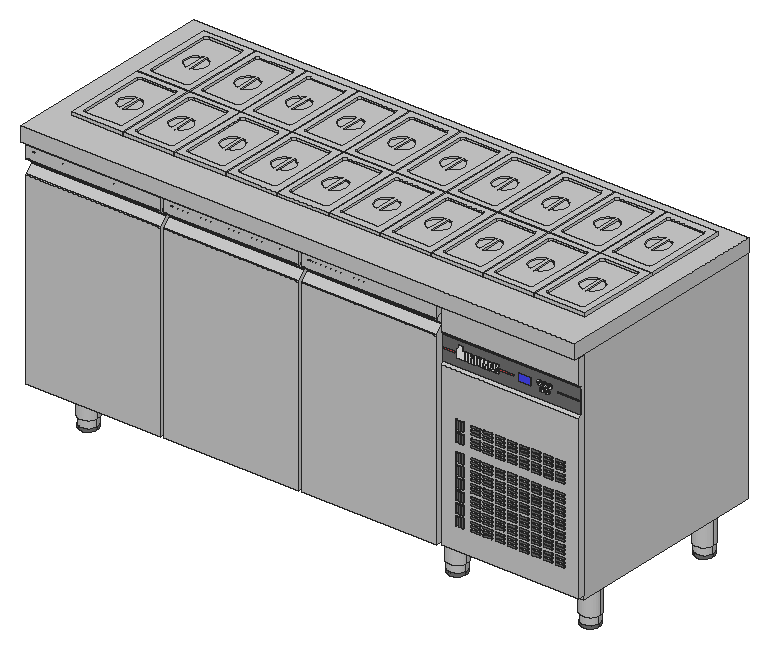
Revit family "QF_INOMAK_ZNFP999_250529012511", category Specialty Equipment, Revit 2021 (continued)
Definition of nested family "QF_INOMAK_REF_WORKTOPS_WOVF_1810_7123"
  Forms (mm)
    Extrusion 19, solid
      sketch origin (0, 1874.578, 46) x (0, 1, 0) y (-1, 0, 0)
        loop
          arc (-2430.578, -1530) -> (-2427.649, -1537.071) -> (-2420.578, -1540) r 10
          line (-2420.578, -1540) -> (-2212.578, -1540)
          arc (-2212.578, -1540) -> (-2205.507, -1537.071) -> (-2202.578, -1530) r 10
          line (-2202.578, -1530) -> (-2202.578, -1424)
      from 0 to 10
    Extrusion 20, solid
      sketch origin (0, 1874.578, 46) x (0, 1, 0) y (-1, 0, 0)
        loop
          arc (-2420.578, -1580) -> (-2427.649, -1582.929) -> (-2430.578, -1590) r 10
          line (-2430.578, -1590) -> (-2430.578, -1696)
          arc (-2430.578, -1696) -> (-2427.649, -1703.071) -> (-2420.578, -1706) r 10
          line (-2420.578, -1706) -> (-2212.578, -1706)
          arc (-2212.578, -1706) -> (-2205.507, -1703.071) -> (-2202.578, -1696) r 10
          line (-2202.578, -1696) -> (-2202.578, -1590)
          arc (-2202.578, -1590) -> (-2205.507, -1582.929) -> (-2212.578, -1580) r 10
          line (-2212.578, -1580) -> (-2420.578, -1580)
        loop
          arc (-2282.937, -1638) -> (-2317.578, -1608) -> (-2352.219, -1638) r 35
          line (-2352.219, -1638) -> (-2282.937, -1638)
        loop
          line (-2282.937, -1648) -> (-2352.219, -1648)
          arc (-2352.219, -1648) -> (-2317.578, -1678) -> (-2282.937, -1648) r 35
      from 2 to 5
    Extrusion 21, solid
      sketch origin (0, 1874.578, 46) x (0, 1, 0) y (-1, 0, 0)
        loop
          line (-2182.578, -1560) -> (-2450.578, -1560) -> (-2450.578, -1726) -> (-2182.578, -1726) -> (-2182.578, -1560)
        loop
          arc (-2202.578, -1590) -> (-2205.507, -1582.929) -> (-2212.578, -1580) r 10
          line (-2212.578, -1580) -> (-2420.578, -1580)
          arc (-2420.578, -1580) -> (-2427.649, -1582.929) -> (-2430.578, -1590) r 10
          line (-2430.578, -1590) -> (-2430.578, -1696)
          arc (-2430.578, -1696) -> (-2427.649, -1703.071) -> (-2420.578, -1706) r 10
          line (-2420.578, -1706) -> (-2212.578, -1706)
          arc (-2212.578, -1706) -> (-2205.507, -1703.071) -> (-2202.578, -1696) r 10
          line (-2202.578, -1696) -> (-2202.578, -1590)
      from 0 to 10
    Extrusion 22, solid
      sketch origin (-9, 1874.578, 46) x (0, 1, 0) y (-1, 0, 0)
        loop
          arc (-2152.578, -427) -> (-2159.649, -429.929) -> (-2162.578, -437) r 10
          line (-2162.578, -437) -> (-2162.578, -543)
          arc (-2162.578, -543) -> (-2159.649, -550.071) -> (-2152.578, -553) r 10
          line (-2152.578, -553) -> (-1944.578, -553)
          arc (-1944.578, -553) -> (-1937.507, -550.071) -> (-1934.578, -543) r 10
          line (-1934.578, -543) -> (-1934.578, -437)
          arc (-1934.578, -437) -> (-1937.507, -429.929) -> (-1944.578, -427) r 10
          line (-1944.578, -427) -> (-2152.578, -427)
        loop
          arc (-2014.937, -485) -> (-2049.578, -455) -> (-2084.219, -485) r 35
          line (-2084.219, -485) -> (-2014.937, -485)
        loop
          line (-2014.937, -495) -> (-2084.219, -495)
          arc (-2084.219, -495) -> (-2049.578, -525) -> (-2014.937, -495) r 35
      from 2 to 5
    Extrusion 23, solid
      sketch origin (-9, 1874.578, 46) x (0, 1, 0) y (-1, 0, 0)
        loop
          line (-1914.578, -407) -> (-2182.578, -407) -> (-2182.578, -573) -> (-1914.578, -573) -> (-1914.578, -407)
        loop
          arc (-1934.578, -437) -> (-1937.507, -429.929) -> (-1944.578, -427) r 10
          line (-1944.578, -427) -> (-2152.578, -427)
          arc (-2152.578, -427) -> (-2159.649, -429.929) -> (-2162.578, -437) r 10
          line (-2162.578, -437) -> (-2162.578, -543)
          arc (-2162.578, -543) -> (-2159.649, -550.071) -> (-2152.578, -553) r 10
          line (-2152.578, -553) -> (-1944.578, -553)
          arc (-1944.578, -553) -> (-1937.507, -550.071) -> (-1934.578, -543) r 10
          line (-1934.578, -543) -> (-1934.578, -437)
      from 0 to 10
    Extrusion 24, solid
      sketch origin (0, 1874.578, 46) x (0, 1, 0) y (-1, 0, 0)
        loop
          arc (-2152.578, -1082) -> (-2159.649, -1084.929) -> (-2162.578, -1092) r 10
          line (-2162.578, -1092) -> (-2162.578, -1198)
          arc (-2162.578, -1198) -> (-2159.649, -1205.071) -> (-2152.578, -1208) r 10
          line (-2152.578, -1208) -> (-1944.578, -1208)
          arc (-1944.578, -1208) -> (-1937.507, -1205.071) -> (-1934.578, -1198) r 10
          line (-1934.578, -1198) -> (-1934.578, -1092)
          arc (-1934.578, -1092) -> (-1937.507, -1084.929) -> (-1944.578, -1082) r 10
          line (-1944.578, -1082) -> (-2152.578, -1082)
        loop
          arc (-2014.937, -1140) -> (-2049.578, -1110) -> (-2084.219, -1140) r 35
          line (-2084.219, -1140) -> (-2014.937, -1140)
        loop
          line (-2014.937, -1150) -> (-2084.219, -1150)
          arc (-2084.219, -1150) -> (-2049.578, -1180) -> (-2014.937, -1150) r 35
      from 2 to 5
    Extrusion 25, solid
      sketch origin (0, 1874.578, 46) x (0, 1, 0) y (-1, 0, 0)
        loop
          line (-1914.578, -1062) -> (-2182.578, -1062) -> (-2182.578, -1228) -> (-1914.578, -1228) -> (-1914.578, -1062)
        loop
          arc (-1934.578, -1092) -> (-1937.507, -1084.929) -> (-1944.578, -1082) r 10
          line (-1944.578, -1082) -> (-2152.578, -1082)
          arc (-2152.578, -1082) -> (-2159.649, -1084.929) -> (-2162.578, -1092) r 10
          line (-2162.578, -1092) -> (-2162.578, -1198)
          arc (-2162.578, -1198) -> (-2159.649, -1205.071) -> (-2152.578, -1208) r 10
          line (-2152.578, -1208) -> (-1944.578, -1208)
          arc (-1944.578, -1208) -> (-1937.507, -1205.071) -> (-1934.578, -1198) r 10
          line (-1934.578, -1198) -> (-1934.578, -1092)
      from 0 to 10
    Extrusion 26, solid
      sketch origin (-9, 1874.578, 46) x (0, 1, 0) y (-1, 0, 0)
        loop
          arc (-2420.578, -427) -> (-2427.649, -429.929) -> (-2430.578, -437) r 10
          line (-2430.578, -437) -> (-2430.578, -543)
          arc (-2430.578, -543) -> (-2427.649, -550.071) -> (-2420.578, -553) r 10
          line (-2420.578, -553) -> (-2212.578, -553)
          arc (-2212.578, -553) -> (-2205.507, -550.071) -> (-2202.578, -543) r 10
          line (-2202.578, -543) -> (-2202.578, -437)
          arc (-2202.578, -437) -> (-2205.507, -429.929) -> (-2212.578, -427) r 10
          line (-2212.578, -427) -> (-2420.578, -427)
        loop
          arc (-2282.937, -485) -> (-2317.578, -455) -> (-2352.219, -485) r 35
          line (-2352.219, -485) -> (-2282.937, -485)
        loop
          line (-2282.937, -495) -> (-2352.219, -495)
          arc (-2352.219, -495) -> (-2317.578, -525) -> (-2282.937, -495) r 35
      from 2 to 5
    Extrusion 27, solid
      sketch origin (-9, 1874.578, 46) x (0, 1, 0) y (-1, 0, 0)
        loop
          line (-2182.578, -407) -> (-2450.578, -407) -> (-2450.578, -573) -> (-2182.578, -573) -> (-2182.578, -407)
        loop
          arc (-2202.578, -437) -> (-2205.507, -429.929) -> (-2212.578, -427) r 10
          line (-2212.578, -427) -> (-2420.578, -427)
          arc (-2420.578, -427) -> (-2427.649, -429.929) -> (-2430.578, -437) r 10
          line (-2430.578, -437) -> (-2430.578, -543)
          arc (-2430.578, -543) -> (-2427.649, -550.071) -> (-2420.578, -553) r 10
          line (-2420.578, -553) -> (-2212.578, -553)
          arc (-2212.578, -553) -> (-2205.507, -550.071) -> (-2202.578, -543) r 10
          line (-2202.578, -543) -> (-2202.578, -437)
      from 0 to 10
    Extrusion 28, solid
      sketch origin (0, 1874.578, 46) x (0, 1, 0) y (-1, 0, 0)
        loop
          arc (-2420.578, -1082) -> (-2427.649, -1084.929) -> (-2430.578, -1092) r 10
          line (-2430.578, -1092) -> (-2430.578, -1198)
          arc (-2430.578, -1198) -> (-2427.649, -1205.071) -> (-2420.578, -1208) r 10
          line (-2420.578, -1208) -> (-2212.578, -1208)
          arc (-2212.578, -1208) -> (-2205.507, -1205.071) -> (-2202.578, -1198) r 10
          line (-2202.578, -1198) -> (-2202.578, -1092)
          arc (-2202.578, -1092) -> (-2205.507, -1084.929) -> (-2212.578, -1082) r 10
          line (-2212.578, -1082) -> (-2420.578, -1082)
        loop
          arc (-2282.937, -1140) -> (-2317.578, -1110) -> (-2352.219, -1140) r 35
          line (-2352.219, -1140) -> (-2282.937, -1140)
        loop
          line (-2282.937, -1150) -> (-2352.219, -1150)
          arc (-2352.219, -1150) -> (-2317.578, -1180) -> (-2282.937, -1150) r 35
      from 2 to 5
    Extrusion 29, solid
      sketch origin (0, 1874.578, 46) x (0, 1, 0) y (-1, 0, 0)
        loop
          line (-2182.578, -1062) -> (-2450.578, -1062) -> (-2450.578, -1228) -> (-2182.578, -1228) -> (-2182.578, -1062)
        loop
          arc (-2202.578, -1092) -> (-2205.507, -1084.929) -> (-2212.578, -1082) r 10
          line (-2212.578, -1082) -> (-2420.578, -1082)
          arc (-2420.578, -1082) -> (-2427.649, -1084.929) -> (-2430.578, -1092) r 10
          line (-2430.578, -1092) -> (-2430.578, -1198)
          arc (-2430.578, -1198) -> (-2427.649, -1205.071) -> (-2420.578, -1208) r 10
          line (-2420.578, -1208) -> (-2212.578, -1208)
          arc (-2212.578, -1208) -> (-2205.507, -1205.071) -> (-2202.578, -1198) r 10
          line (-2202.578, -1198) -> (-2202.578, -1092)
      from 0 to 10
    Extrusion 30, solid
      sketch origin (-9, 1874.578, 46) x (0, 1, 0) y (-1, 0, 0)
        loop
          arc (-2152.578, -593) -> (-2159.649, -595.929) -> (-2162.578, -603) r 10
          line (-2162.578, -603) -> (-2162.578, -709)
          arc (-2162.578, -709) -> (-2159.649, -716.071) -> (-2152.578, -719) r 10
          line (-2152.578, -719) -> (-1944.578, -719)
          arc (-1944.578, -719) -> (-1937.507, -716.071) -> (-1934.578, -709) r 10
          line (-1934.578, -709) -> (-1934.578, -603)
          arc (-1934.578, -603) -> (-1937.507, -595.929) -> (-1944.578, -593) r 10
          line (-1944.578, -593) -> (-2152.578, -593)
        loop
          arc (-2014.937, -651) -> (-2049.578, -621) -> (-2084.219, -651) r 35
          line (-2084.219, -651) -> (-2014.937, -651)
        loop
          line (-2014.937, -661) -> (-2084.219, -661)
          arc (-2084.219, -661) -> (-2049.578, -691) -> (-2014.937, -661) r 35
      from 2 to 5
    Extrusion 31, solid
      sketch origin (-9, 1874.578, 46) x (0, 1, 0) y (-1, 0, 0)
        loop
          line (-1914.578, -573) -> (-2182.578, -573) -> (-2182.578, -739) -> (-1914.578, -739) -> (-1914.578, -573)
        loop
          arc (-1934.578, -603) -> (-1937.507, -595.929) -> (-1944.578, -593) r 10
          line (-1944.578, -593) -> (-2152.578, -593)
          arc (-2152.578, -593) -> (-2159.649, -595.929) -> (-2162.578, -603) r 10
          line (-2162.578, -603) -> (-2162.578, -709)
          arc (-2162.578, -709) -> (-2159.649, -716.071) -> (-2152.578, -719) r 10
          line (-2152.578, -719) -> (-1944.578, -719)
          arc (-1944.578, -719) -> (-1937.507, -716.071) -> (-1934.578, -709) r 10
          line (-1934.578, -709) -> (-1934.578, -603)
      from 0 to 10
    Extrusion 32, solid
      sketch origin (-9, 1874.578, 46) x (0, 1, 0) y (-1, 0, 0)
        loop
          arc (-2152.578, -759) -> (-2159.649, -761.929) -> (-2162.578, -769) r 10
          line (-2162.578, -769) -> (-2162.578, -875)
          arc (-2162.578, -875) -> (-2159.649, -882.071) -> (-2152.578, -885) r 10
          line (-2152.578, -885) -> (-1944.578, -885)
          arc (-1944.578, -885) -> (-1937.507, -882.071) -> (-1934.578, -875) r 10
          line (-1934.578, -875) -> (-1934.578, -769)
          arc (-1934.578, -769) -> (-1937.507, -761.929) -> (-1944.578, -759) r 10
          line (-1944.578, -759) -> (-2152.578, -759)
        loop
          arc (-2014.937, -817) -> (-2049.578, -787) -> (-2084.219, -817) r 35
          line (-2084.219, -817) -> (-2014.937, -817)
        loop
          line (-2014.937, -827) -> (-2084.219, -827)
          arc (-2084.219, -827) -> (-2049.578, -857) -> (-2014.937, -827) r 35
      from 2 to 5
    Extrusion 33, solid
      sketch origin (-9, 1874.578, 46) x (0, 1, 0) y (-1, 0, 0)
        loop
          line (-1914.578, -739) -> (-2182.578, -739) -> (-2182.578, -905) -> (-1914.578, -905) -> (-1914.578, -739)
        loop
          arc (-1934.578, -769) -> (-1937.507, -761.929) -> (-1944.578, -759) r 10
          line (-1944.578, -759) -> (-2152.578, -759)
          arc (-2152.578, -759) -> (-2159.649, -761.929) -> (-2162.578, -769) r 10
          line (-2162.578, -769) -> (-2162.578, -875)
          arc (-2162.578, -875) -> (-2159.649, -882.071) -> (-2152.578, -885) r 10
          line (-2152.578, -885) -> (-1944.578, -885)
          arc (-1944.578, -885) -> (-1937.507, -882.071) -> (-1934.578, -875) r 10
          line (-1934.578, -875) -> (-1934.578, -769)
      from 0 to 10
    Extrusion 34, solid
      sketch origin (-9, 1874.578, 46) x (0, 1, 0) y (-1, 0, 0)
        loop
          arc (-2420.578, -593) -> (-2427.649, -595.929) -> (-2430.578, -603) r 10
          line (-2430.578, -603) -> (-2430.578, -709)
          arc (-2430.578, -709) -> (-2427.649, -716.071) -> (-2420.578, -719) r 10
          line (-2420.578, -719) -> (-2212.578, -719)
          arc (-2212.578, -719) -> (-2205.507, -716.071) -> (-2202.578, -709) r 10
          line (-2202.578, -709) -> (-2202.578, -603)
          arc (-2202.578, -603) -> (-2205.507, -595.929) -> (-2212.578, -593) r 10
          line (-2212.578, -593) -> (-2420.578, -593)
        loop
          arc (-2282.937, -651) -> (-2317.578, -621) -> (-2352.219, -651) r 35
          line (-2352.219, -651) -> (-2282.937, -651)
        loop
          line (-2282.937, -661) -> (-2352.219, -661)
          arc (-2352.219, -661) -> (-2317.578, -691) -> (-2282.937, -661) r 35
      from 2 to 5
    Extrusion 35, solid
      sketch origin (-9, 1874.578, 46) x (0, 1, 0) y (-1, 0, 0)
        loop
          line (-2182.578, -573) -> (-2450.578, -573) -> (-2450.578, -739) -> (-2182.578, -739) -> (-2182.578, -573)
        loop
          arc (-2202.578, -603) -> (-2205.507, -595.929) -> (-2212.578, -593) r 10
          line (-2212.578, -593) -> (-2420.578, -593)
          arc (-2420.578, -593) -> (-2427.649, -595.929) -> (-2430.578, -603) r 10
          line (-2430.578, -603) -> (-2430.578, -709)
          arc (-2430.578, -709) -> (-2427.649, -716.071) -> (-2420.578, -719) r 10
          line (-2420.578, -719) -> (-2212.578, -719)
          arc (-2212.578, -719) -> (-2205.507, -716.071) -> (-2202.578, -709) r 10
          line (-2202.578, -709) -> (-2202.578, -603)
      from 0 to 10
    Extrusion 36, solid
      sketch origin (-9, 1874.578, 46) x (0, 1, 0) y (-1, 0, 0)
        loop
          arc (-2420.578, -759) -> (-2427.649, -761.929) -> (-2430.578, -769) r 10
          line (-2430.578, -769) -> (-2430.578, -875)
          arc (-2430.578, -875) -> (-2427.649, -882.071) -> (-2420.578, -885) r 10
          line (-2420.578, -885) -> (-2212.578, -885)
          arc (-2212.578, -885) -> (-2205.507, -882.071) -> (-2202.578, -875) r 10
          line (-2202.578, -875) -> (-2202.578, -769)
          arc (-2202.578, -769) -> (-2205.507, -761.929) -> (-2212.578, -759) r 10
          line (-2212.578, -759) -> (-2420.578, -759)
        loop
          arc (-2282.937, -817) -> (-2317.578, -787) -> (-2352.219, -817) r 35
          line (-2352.219, -817) -> (-2282.937, -817)
        loop
          line (-2282.937, -827) -> (-2352.219, -827)
          arc (-2352.219, -827) -> (-2317.578, -857) -> (-2282.937, -827) r 35
      from 2 to 5
    Extrusion 37, solid
      sketch origin (-9, 1874.578, 46) x (0, 1, 0) y (-1, 0, 0)
        loop
          line (-2182.578, -739) -> (-2450.578, -739) -> (-2450.578, -905) -> (-2182.578, -905) -> (-2182.578, -739)
        loop
          arc (-2202.578, -769) -> (-2205.507, -761.929) -> (-2212.578, -759) r 10
          line (-2212.578, -759) -> (-2420.578, -759)
          arc (-2420.578, -759) -> (-2427.649, -761.929) -> (-2430.578, -769) r 10
          line (-2430.578, -769) -> (-2430.578, -875)
          arc (-2430.578, -875) -> (-2427.649, -882.071) -> (-2420.578, -885) r 10
          line (-2420.578, -885) -> (-2212.578, -885)
          arc (-2212.578, -885) -> (-2205.507, -882.071) -> (-2202.578, -875) r 10
          line (-2202.578, -875) -> (-2202.578, -769)
      from 0 to 10
    Extrusion 38, solid
      sketch origin (0, 1874.578, 46) x (0, 1, 0) y (-1, 0, 0)
        loop
          arc (-2152.578, -916) -> (-2159.649, -918.929) -> (-2162.578, -926) r 10
          line (-2162.578, -926) -> (-2162.578, -1032)
          arc (-2162.578, -1032) -> (-2159.649, -1039.071) -> (-2152.578, -1042) r 10
          line (-2152.578, -1042) -> (-1944.578, -1042)
          arc (-1944.578, -1042) -> (-1937.507, -1039.071) -> (-1934.578, -1032) r 10
          line (-1934.578, -1032) -> (-1934.578, -926)
          arc (-1934.578, -926) -> (-1937.507, -918.929) -> (-1944.578, -916) r 10
          line (-1944.578, -916) -> (-2152.578, -916)
        loop
          arc (-2014.937, -974) -> (-2049.578, -944) -> (-2084.219, -974) r 35
          line (-2084.219, -974) -> (-2014.937, -974)
        loop
          line (-2014.937, -984) -> (-2084.219, -984)
          arc (-2084.219, -984) -> (-2049.578, -1014) -> (-2014.937, -984) r 35
      from 2 to 5
    Extrusion 39, solid
      sketch origin (0, 1874.578, 46) x (0, 1, 0) y (-1, 0, 0)
        loop
          line (-1914.578, -896) -> (-2182.578, -896) -> (-2182.578, -1062) -> (-1914.578, -1062) -> (-1914.578, -896)
        loop
          arc (-1934.578, -926) -> (-1937.507, -918.929) -> (-1944.578, -916) r 10
          line (-1944.578, -916) -> (-2152.578, -916)
          arc (-2152.578, -916) -> (-2159.649, -918.929) -> (-2162.578, -926) r 10
          line (-2162.578, -926) -> (-2162.578, -1032)
          arc (-2162.578, -1032) -> (-2159.649, -1039.071) -> (-2152.578, -1042) r 10
          line (-2152.578, -1042) -> (-1944.578, -1042)
          arc (-1944.578, -1042) -> (-1937.507, -1039.071) -> (-1934.578, -1032) r 10
          line (-1934.578, -1032) -> (-1934.578, -926)
      from 0 to 10
    Extrusion 40, solid
      sketch origin (0, 1874.578, 46) x (0, 1, 0) y (-1, 0, 0)
        loop
          arc (-2420.578, -916) -> (-2427.649, -918.929) -> (-2430.578, -926) r 10
          line (-2430.578, -926) -> (-2430.578, -1032)
          arc (-2430.578, -1032) -> (-2427.649, -1039.071) -> (-2420.578, -1042) r 10
          line (-2420.578, -1042) -> (-2212.578, -1042)
          arc (-2212.578, -1042) -> (-2205.507, -1039.071) -> (-2202.578, -1032) r 10
          line (-2202.578, -1032) -> (-2202.578, -926)
          arc (-2202.578, -926) -> (-2205.507, -918.929) -> (-2212.578, -916) r 10
          line (-2212.578, -916) -> (-2420.578, -916)
        loop
          arc (-2282.937, -974) -> (-2317.578, -944) -> (-2352.219, -974) r 35
          line (-2352.219, -974) -> (-2282.937, -974)
        loop
          line (-2282.937, -984) -> (-2352.219, -984)
          arc (-2352.219, -984) -> (-2317.578, -1014) -> (-2282.937, -984) r 35
      from 2 to 5
    Extrusion 41, solid
      sketch origin (0, 1874.578, 46) x (0, 1, 0) y (-1, 0, 0)
        loop
          line (-2182.578, -896) -> (-2450.578, -896) -> (-2450.578, -1062) -> (-2182.578, -1062) -> (-2182.578, -896)
        loop
          arc (-2202.578, -926) -> (-2205.507, -918.929) -> (-2212.578, -916) r 10
          line (-2212.578, -916) -> (-2420.578, -916)
          arc (-2420.578, -916) -> (-2427.649, -918.929) -> (-2430.578, -926) r 10
          line (-2430.578, -926) -> (-2430.578, -1032)
          arc (-2430.578, -1032) -> (-2427.649, -1039.071) -> (-2420.578, -1042) r 10
          line (-2420.578, -1042) -> (-2212.578, -1042)
          arc (-2212.578, -1042) -> (-2205.507, -1039.071) -> (-2202.578, -1032) r 10
          line (-2202.578, -1032) -> (-2202.578, -926)
      from 0 to 10
  Lines and regions (mm)
    Masking region 1
      outline origin (0, 0, 46) x (0, 1, 0) y (-1, 0, 0)
        loop
          line (0, 0) -> (-700, 0) -> (-700, -1792) -> (0, -1792) -> (0, 0)
    symbolic lines, not visible
      curve 1: line (66, -40, 0) -> (1717, -40, 0)
      curve 2: line (66, -576, 0) -> (66, -40, 0)
      curve 3: line (1717, -576, 0) -> (66, -576, 0)
      curve 4: line (66, -308, 0) -> (1717, -308, 0)
    symbolic lines
      curve 5: line (0, 0, 46) -> (1792, 0, 46)
      curve 6: line (0, -700, 46) -> (0, 0, 46)
      curve 7: line (1792, -700, 46) -> (0, -700, 46)
      curve 8: line (1792, 0, 46) -> (1792, -700, 46)
      curve 9: line (1726, -576, 46) -> (66, -576, 46)
      curve 10: line (1726, -40, 46) -> (1726, -576, 46)
      curve 11: line (66, -40, 46) -> (1726, -40, 46)
      curve 12: line (66, -576, 46) -> (66, -40, 46)
      curve 13: line (1726, -308, 46) -> (66, -308, 46)
      curve 14: line (232, -576, 46) -> (232, -40, 46)
      curve 15: line (398, -576, 46) -> (398, -40, 46)
      curve 16: line (564, -576, 46) -> (564, -40, 46)
      curve 17: line (730, -576, 46) -> (730, -40, 46)
      curve 18: line (896, -576, 46) -> (896, -40, 46)
      curve 19: line (1062, -576, 46) -> (1062, -40, 46)
      curve 20: line (1228, -576, 46) -> (1228, -40, 46)
      curve 21: line (1394, -576, 46) -> (1394, -40, 46)
      curve 22: line (1560, -576, 46) -> (1560, -40, 46)
      curve 23: line (96, -60, 46) -> (202, -60, 46)
      curve 24: arc (202, -60, 46) -> (209.071, -62.929, 46) -> (212, -70, 46) r 10
      curve 25: line (212, -70, 46) -> (212, -278, 46)
      curve 26: arc (212, -278, 46) -> (209.071, -285.071, 46) -> (202, -288, 46) r 10
      curve 27: line (202, -288, 46) -> (96, -288, 46)
      curve 28: arc (96, -288, 46) -> (88.929, -285.071, 46) -> (86, -278, 46) r 10
      curve 29: line (86, -278, 46) -> (86, -70, 46)
      curve 30: arc (86, -70, 46) -> (88.929, -62.929, 46) -> (96, -60, 46) r 10
      curve 31: arc (144, -209.641, 46) -> (114, -175, 46) -> (144, -140.359, 46) r 35
      curve 32: line (144, -140.359, 46) -> (144, -209.641, 46)
      curve 33: line (154, -209.641, 46) -> (154, -140.359, 46)
      curve 34: arc (154, -140.359, 46) -> (184, -175, 46) -> (154, -209.641, 46) r 35
      curve 35: line (262, -60, 46) -> (368, -60, 46)
      curve 36: arc (368, -60, 46) -> (375.071, -62.929, 46) -> (378, -70, 46) r 10
      curve 37: line (378, -70, 46) -> (378, -278, 46)
      curve 38: arc (378, -278, 46) -> (375.071, -285.071, 46) -> (368, -288, 46) r 10
      curve 39: line (368, -288, 46) -> (262, -288, 46)
      curve 40: arc (262, -288, 46) -> (254.929, -285.071, 46) -> (252, -278, 46) r 10
      curve 41: line (252, -278, 46) -> (252, -70, 46)
      curve 42: arc (252, -70, 46) -> (254.929, -62.929, 46) -> (262, -60, 46) r 10
      curve 43: arc (310, -209.641, 46) -> (280, -175, 46) -> (310, -140.359, 46) r 35
      curve 44: line (310, -140.359, 46) -> (310, -209.641, 46)
      curve 45: line (320, -209.641, 46) -> (320, -140.359, 46)
      curve 46: arc (320, -140.359, 46) -> (350, -175, 46) -> (320, -209.641, 46) r 35
      curve 47: line (428, -60, 46) -> (534, -60, 46)
      curve 48: arc (534, -60, 46) -> (541.071, -62.929, 46) -> (544, -70, 46) r 10
      curve 49: line (544, -70, 46) -> (544, -278, 46)
      curve 50: arc (544, -278, 46) -> (541.071, -285.071, 46) -> (534, -288, 46) r 10
      curve 51: line (534, -288, 46) -> (428, -288, 46)
      curve 52: arc (428, -288, 46) -> (420.929, -285.071, 46) -> (418, -278, 46) r 10
      curve 53: line (418, -278, 46) -> (418, -70, 46)
      curve 54: arc (418, -70, 46) -> (420.929, -62.929, 46) -> (428, -60, 46) r 10
      curve 55: arc (476, -209.641, 46) -> (446, -175, 46) -> (476, -140.359, 46) r 35
      curve 56: line (476, -140.359, 46) -> (476, -209.641, 46)
      curve 57: line (486, -209.641, 46) -> (486, -140.359, 46)
      curve 58: arc (486, -140.359, 46) -> (516, -175, 46) -> (486, -209.641, 46) r 35
      curve 59: line (594, -60, 46) -> (700, -60, 46)
      curve 60: arc (700, -60, 46) -> (707.071, -62.929, 46) -> (710, -70, 46) r 10
      curve 61: line (710, -70, 46) -> (710, -278, 46)
      curve 62: arc (710, -278, 46) -> (707.071, -285.071, 46) -> (700, -288, 46) r 10
      curve 63: line (700, -288, 46) -> (594, -288, 46)
      curve 64: arc (594, -288, 46) -> (586.929, -285.071, 46) -> (584, -278, 46) r 10
      curve 65: line (584, -278, 46) -> (584, -70, 46)
      curve 66: arc (584, -70, 46) -> (586.929, -62.929, 46) -> (594, -60, 46) r 10
      curve 67: arc (642, -209.641, 46) -> (612, -175, 46) -> (642, -140.359, 46) r 35
      curve 68: line (642, -140.359, 46) -> (642, -209.641, 46)
      curve 69: line (652, -209.641, 46) -> (652, -140.359, 46)
      curve 70: arc (652, -140.359, 46) -> (682, -175, 46) -> (652, -209.641, 46) r 35
      curve 71: line (760, -60, 46) -> (866, -60, 46)
      curve 72: arc (866, -60, 46) -> (873.071, -62.929, 46) -> (876, -70, 46) r 10
      curve 73: line (876, -70, 46) -> (876, -278, 46)
      curve 74: arc (876, -278, 46) -> (873.071, -285.071, 46) -> (866, -288, 46) r 10
      curve 75: line (866, -288, 46) -> (760, -288, 46)
      curve 76: arc (760, -288, 46) -> (752.929, -285.071, 46) -> (750, -278, 46) r 10
      curve 77: line (750, -278, 46) -> (750, -70, 46)
      curve 78: arc (750, -70, 46) -> (752.929, -62.929, 46) -> (760, -60, 46) r 10
      curve 79: arc (808, -209.641, 46) -> (778, -175, 46) -> (808, -140.359, 46) r 35
      curve 80: line (808, -140.359, 46) -> (808, -209.641, 46)
      curve 81: line (818, -209.641, 46) -> (818, -140.359, 46)
      curve 82: arc (818, -140.359, 46) -> (848, -175, 46) -> (818, -209.641, 46) r 35
      curve 83: line (926, -60, 46) -> (1032, -60, 46)
      curve 84: arc (1032, -60, 46) -> (1039.071, -62.929, 46) -> (1042, -70, 46) r 10
      curve 85: line (1042, -70, 46) -> (1042, -278, 46)
      curve 86: arc (1042, -278, 46) -> (1039.071, -285.071, 46) -> (1032, -288, 46) r 10
      curve 87: line (1032, -288, 46) -> (926, -288, 46)
      curve 88: arc (926, -288, 46) -> (918.929, -285.071, 46) -> (916, -278, 46) r 10
      curve 89: line (916, -278, 46) -> (916, -70, 46)
      curve 90: arc (916, -70, 46) -> (918.929, -62.929, 46) -> (926, -60, 46) r 10
      curve 91: arc (974, -209.641, 46) -> (944, -175, 46) -> (974, -140.359, 46) r 35
      curve 92: line (974, -140.359, 46) -> (974, -209.641, 46)
      curve 93: line (984, -209.641, 46) -> (984, -140.359, 46)
      curve 94: arc (984, -140.359, 46) -> (1014, -175, 46) -> (984, -209.641, 46) r 35
      curve 95: line (1092, -60, 46) -> (1198, -60, 46)
      curve 96: arc (1198, -60, 46) -> (1205.071, -62.929, 46) -> (1208, -70, 46) r 10
      curve 97: line (1208, -70, 46) -> (1208, -278, 46)
      curve 98: arc (1208, -278, 46) -> (1205.071, -285.071, 46) -> (1198, -288, 46) r 10
      curve 99: line (1198, -288, 46) -> (1092, -288, 46)
      curve 100: arc (1092, -288, 46) -> (1084.929, -285.071, 46) -> (1082, -278, 46) r 10
      curve 101: line (1082, -278, 46) -> (1082, -70, 46)
      curve 102: arc (1082, -70, 46) -> (1084.929, -62.929, 46) -> (1092, -60, 46) r 10
      curve 103: arc (1140, -209.641, 46) -> (1110, -175, 46) -> (1140, -140.359, 46) r 35
      curve 104: line (1140, -140.359, 46) -> (1140, -209.641, 46)
      curve 105: line (1150, -209.641, 46) -> (1150, -140.359, 46)
      curve 106: arc (1150, -140.359, 46) -> (1180, -175, 46) -> (1150, -209.641, 46) r 35
      curve 107: line (1258, -60, 46) -> (1364, -60, 46)
      curve 108: arc (1364, -60, 46) -> (1371.071, -62.929, 46) -> (1374, -70, 46) r 10
      curve 109: line (1374, -70, 46) -> (1374, -278, 46)
      curve 110: arc (1374, -278, 46) -> (1371.071, -285.071, 46) -> (1364, -288, 46) r 10
      curve 111: line (1364, -288, 46) -> (1258, -288, 46)
      curve 112: arc (1258, -288, 46) -> (1250.929, -285.071, 46) -> (1248, -278, 46) r 10
      curve 113: line (1248, -278, 46) -> (1248, -70, 46)
      curve 114: arc (1248, -70, 46) -> (1250.929, -62.929, 46) -> (1258, -60, 46) r 10
      curve 115: arc (1306, -209.641, 46) -> (1276, -175, 46) -> (1306, -140.359, 46) r 35
      curve 116: line (1306, -140.359, 46) -> (1306, -209.641, 46)
      curve 117: line (1316, -209.641, 46) -> (1316, -140.359, 46)
      curve 118: arc (1316, -140.359, 46) -> (1346, -175, 46) -> (1316, -209.641, 46) r 35
      curve 119: line (1424, -60, 46) -> (1530, -60, 46)
      curve 120: arc (1530, -60, 46) -> (1537.071, -62.929, 46) -> (1540, -70, 46) r 10
      curve 121: line (1540, -70, 46) -> (1540, -278, 46)
      curve 122: arc (1540, -278, 46) -> (1537.071, -285.071, 46) -> (1530, -288, 46) r 10
      curve 123: line (1530, -288, 46) -> (1424, -288, 46)
      curve 124: arc (1424, -288, 46) -> (1416.929, -285.071, 46) -> (1414, -278, 46) r 10
      curve 125: line (1414, -278, 46) -> (1414, -70, 46)
      curve 126: arc (1414, -70, 46) -> (1416.929, -62.929, 46) -> (1424, -60, 46) r 10
      curve 127: arc (1472, -209.641, 46) -> (1442, -175, 46) -> (1472, -140.359, 46) r 35
      curve 128: line (1472, -140.359, 46) -> (1472, -209.641, 46)
      curve 129: line (1482, -209.641, 46) -> (1482, -140.359, 46)
      curve 130: arc (1482, -140.359, 46) -> (1512, -175, 46) -> (1482, -209.641, 46) r 35
      curve 131: line (1590, -60, 46) -> (1696, -60, 46)
      curve 132: arc (1696, -60, 46) -> (1703.071, -62.929, 46) -> (1706, -70, 46) r 10
      curve 133: line (1706, -70, 46) -> (1706, -278, 46)
      curve 134: arc (1706, -278, 46) -> (1703.071, -285.071, 46) -> (1696, -288, 46) r 10
      curve 135: line (1696, -288, 46) -> (1590, -288, 46)
      curve 136: arc (1590, -288, 46) -> (1582.929, -285.071, 46) -> (1580, -278, 46) r 10
      curve 137: line (1580, -278, 46) -> (1580, -70, 46)
      curve 138: arc (1580, -70, 46) -> (1582.929, -62.929, 46) -> (1590, -60, 46) r 10
      curve 139: arc (1638, -209.641, 46) -> (1608, -175, 46) -> (1638, -140.359, 46) r 35
      curve 140: line (1638, -140.359, 46) -> (1638, -209.641, 46)
      curve 141: line (1648, -209.641, 46) -> (1648, -140.359, 46)
      curve 142: arc (1648, -140.359, 46) -> (1678, -175, 46) -> (1648, -209.641, 46) r 35
      curve 143: line (96, -328, 46) -> (202, -328, 46)
      curve 144: arc (202, -328, 46) -> (209.071, -330.929, 46) -> (212, -338, 46) r 10
      curve 145: line (212, -338, 46) -> (212, -546, 46)
      curve 146: arc (212, -546, 46) -> (209.071, -553.071, 46) -> (202, -556, 46) r 10
      curve 147: line (202, -556, 46) -> (96, -556, 46)
      curve 148: arc (96, -556, 46) -> (88.929, -553.071, 46) -> (86, -546, 46) r 10
      curve 149: line (86, -546, 46) -> (86, -338, 46)
      curve 150: arc (86, -338, 46) -> (88.929, -330.929, 46) -> (96, -328, 46) r 10
      curve 151: arc (144, -477.641, 46) -> (114, -443, 46) -> (144, -408.359, 46) r 35
      curve 152: line (144, -408.359, 46) -> (144, -477.641, 46)
      curve 153: line (154, -477.641, 46) -> (154, -408.359, 46)
      curve 154: arc (154, -408.359, 46) -> (184, -443, 46) -> (154, -477.641, 46) r 35
      curve 155: line (262, -328, 46) -> (368, -328, 46)
      curve 156: arc (368, -328, 46) -> (375.071, -330.929, 46) -> (378, -338, 46) r 10
      curve 157: line (378, -338, 46) -> (378, -546, 46)
      curve 158: arc (378, -546, 46) -> (375.071, -553.071, 46) -> (368, -556, 46) r 10
      curve 159: line (368, -556, 46) -> (262, -556, 46)
      curve 160: arc (262, -556, 46) -> (254.929, -553.071, 46) -> (252, -546, 46) r 10
      curve 161: line (252, -546, 46) -> (252, -338, 46)
      curve 162: arc (252, -338, 46) -> (254.929, -330.929, 46) -> (262, -328, 46) r 10
      curve 163: arc (310, -477.641, 46) -> (280, -443, 46) -> (310, -408.359, 46) r 35
      curve 164: line (310, -408.359, 46) -> (310, -477.641, 46)
      curve 165: line (320, -477.641, 46) -> (320, -408.359, 46)
      curve 166: arc (320, -408.359, 46) -> (350, -443, 46) -> (320, -477.641, 46) r 35
      curve 167: line (428, -328, 46) -> (534, -328, 46)
      curve 168: arc (534, -328, 46) -> (541.071, -330.929, 46) -> (544, -338, 46) r 10
      curve 169: line (544, -338, 46) -> (544, -546, 46)
      curve 170: arc (544, -546, 46) -> (541.071, -553.071, 46) -> (534, -556, 46) r 10
      curve 171: line (534, -556, 46) -> (428, -556, 46)
      curve 172: arc (428, -556, 46) -> (420.929, -553.071, 46) -> (418, -546, 46) r 10
      curve 173: line (418, -546, 46) -> (418, -338, 46)
      curve 174: arc (418, -338, 46) -> (420.929, -330.929, 46) -> (428, -328, 46) r 10
      curve 175: arc (476, -477.641, 46) -> (446, -443, 46) -> (476, -408.359, 46) r 35
      curve 176: line (476, -408.359, 46) -> (476, -477.641, 46)
      curve 177: line (486, -477.641, 46) -> (486, -408.359, 46)
      curve 178: arc (486, -408.359, 46) -> (516, -443, 46) -> (486, -477.641, 46) r 35
      curve 179: line (594, -328, 46) -> (700, -328, 46)
      curve 180: arc (700, -328, 46) -> (707.071, -330.929, 46) -> (710, -338, 46) r 10
      curve 181: line (710, -338, 46) -> (710, -546, 46)
      curve 182: arc (710, -546, 46) -> (707.071, -553.071, 46) -> (700, -556, 46) r 10
      curve 183: line (700, -556, 46) -> (594, -556, 46)
      curve 184: arc (594, -556, 46) -> (586.929, -553.071, 46) -> (584, -546, 46) r 10
      curve 185: line (584, -546, 46) -> (584, -338, 46)
      curve 186: arc (584, -338, 46) -> (586.929, -330.929, 46) -> (594, -328, 46) r 10
      curve 187: arc (642, -477.641, 46) -> (612, -443, 46) -> (642, -408.359, 46) r 35
      curve 188: line (642, -408.359, 46) -> (642, -477.641, 46)
      curve 189: line (652, -477.641, 46) -> (652, -408.359, 46)
      curve 190: arc (652, -408.359, 46) -> (682, -443, 46) -> (652, -477.641, 46) r 35
      curve 191: line (760, -328, 46) -> (866, -328, 46)
      curve 192: arc (866, -328, 46) -> (873.071, -330.929, 46) -> (876, -338, 46) r 10
      curve 193: line (876, -338, 46) -> (876, -546, 46)
      curve 194: arc (876, -546, 46) -> (873.071, -553.071, 46) -> (866, -556, 46) r 10
      curve 195: line (866, -556, 46) -> (760, -556, 46)
      curve 196: arc (760, -556, 46) -> (752.929, -553.071, 46) -> (750, -546, 46) r 10
      curve 197: line (750, -546, 46) -> (750, -338, 46)
      curve 198: arc (750, -338, 46) -> (752.929, -330.929, 46) -> (760, -328, 46) r 10
      curve 199: arc (808, -477.641, 46) -> (778, -443, 46) -> (808, -408.359, 46) r 35
      curve 200: line (808, -408.359, 46) -> (808, -477.641, 46)
      curve 201: line (818, -477.641, 46) -> (818, -408.359, 46)
      curve 202: arc (818, -408.359, 46) -> (848, -443, 46) -> (818, -477.641, 46) r 35
      curve 203: line (926, -328, 46) -> (1032, -328, 46)
      curve 204: arc (1032, -328, 46) -> (1039.071, -330.929, 46) -> (1042, -338, 46) r 10
      curve 205: line (1042, -338, 46) -> (1042, -546, 46)
      curve 206: arc (1042, -546, 46) -> (1039.071, -553.071, 46) -> (1032, -556, 46) r 10
      curve 207: line (1032, -556, 46) -> (926, -556, 46)
      curve 208: arc (926, -556, 46) -> (918.929, -553.071, 46) -> (916, -546, 46) r 10
      curve 209: line (916, -546, 46) -> (916, -338, 46)
      curve 210: arc (916, -338, 46) -> (918.929, -330.929, 46) -> (926, -328, 46) r 10
      curve 211: arc (974, -477.641, 46) -> (944, -443, 46) -> (974, -408.359, 46) r 35
      curve 212: line (974, -408.359, 46) -> (974, -477.641, 46)
      curve 213: line (984, -477.641, 46) -> (984, -408.359, 46)
      curve 214: arc (984, -408.359, 46) -> (1014, -443, 46) -> (984, -477.641, 46) r 35
      curve 215: line (1092, -328, 46) -> (1198, -328, 46)
      curve 216: arc (1198, -328, 46) -> (1205.071, -330.929, 46) -> (1208, -338, 46) r 10
      curve 217: line (1208, -338, 46) -> (1208, -546, 46)
      curve 218: arc (1208, -546, 46) -> (1205.071, -553.071, 46) -> (1198, -556, 46) r 10
      curve 219: line (1198, -556, 46) -> (1092, -556, 46)
      curve 220: arc (1092, -556, 46) -> (1084.929, -553.071, 46) -> (1082, -546, 46) r 10
      curve 221: line (1082, -546, 46) -> (1082, -338, 46)
      curve 222: arc (1082, -338, 46) -> (1084.929, -330.929, 46) -> (1092, -328, 46) r 10
      curve 223: arc (1140, -477.641, 46) -> (1110, -443, 46) -> (1140, -408.359, 46) r 35
      curve 224: line (1140, -408.359, 46) -> (1140, -477.641, 46)
      curve 225: line (1150, -477.641, 46) -> (1150, -408.359, 46)
      curve 226: arc (1150, -408.359, 46) -> (1180, -443, 46) -> (1150, -477.641, 46) r 35
      curve 227: line (1258, -328, 46) -> (1364, -328, 46)
      curve 228: arc (1364, -328, 46) -> (1371.071, -330.929, 46) -> (1374, -338, 46) r 10
      curve 229: line (1374, -338, 46) -> (1374, -546, 46)
      curve 230: arc (1374, -546, 46) -> (1371.071, -553.071, 46) -> (1364, -556, 46) r 10
      curve 231: line (1364, -556, 46) -> (1258, -556, 46)
      curve 232: arc (1258, -556, 46) -> (1250.929, -553.071, 46) -> (1248, -546, 46) r 10
      curve 233: line (1248, -546, 46) -> (1248, -338, 46)
      curve 234: arc (1248, -338, 46) -> (1250.929, -330.929, 46) -> (1258, -328, 46) r 10
      curve 235: arc (1306, -477.641, 46) -> (1276, -443, 46) -> (1306, -408.359, 46) r 35
      curve 236: line (1306, -408.359, 46) -> (1306, -477.641, 46)
      curve 237: line (1316, -477.641, 46) -> (1316, -408.359, 46)
      curve 238: arc (1316, -408.359, 46) -> (1346, -443, 46) -> (1316, -477.641, 46) r 35
      curve 239: line (1424, -328, 46) -> (1530, -328, 46)
      curve 240: arc (1530, -328, 46) -> (1537.071, -330.929, 46) -> (1540, -338, 46) r 10
      curve 241: line (1540, -338, 46) -> (1540, -546, 46)
      curve 242: arc (1540, -546, 46) -> (1537.071, -553.071, 46) -> (1530, -556, 46) r 10
      curve 243: line (1530, -556, 46) -> (1424, -556, 46)
      curve 244: arc (1424, -556, 46) -> (1416.929, -553.071, 46) -> (1414, -546, 46) r 10
      curve 245: line (1414, -546, 46) -> (1414, -338, 46)
      curve 246: arc (1414, -338, 46) -> (1416.929, -330.929, 46) -> (1424, -328, 46) r 10
      curve 247: arc (1472, -477.641, 46) -> (1442, -443, 46) -> (1472, -408.359, 46) r 35
      curve 248: line (1472, -408.359, 46) -> (1472, -477.641, 46)
      curve 249: line (1482, -477.641, 46) -> (1482, -408.359, 46)
      curve 250: arc (1482, -408.359, 46) -> (1512, -443, 46) -> (1482, -477.641, 46) r 35
      curve 251: line (1590, -328, 46) -> (1696, -328, 46)
      curve 252: arc (1696, -328, 46) -> (1703.071, -330.929, 46) -> (1706, -338, 46) r 10
      curve 253: line (1706, -338, 46) -> (1706, -546, 46)
      curve 254: arc (1706, -546, 46) -> (1703.071, -553.071, 46) -> (1696, -556, 46) r 10
      curve 255: line (1696, -556, 46) -> (1590, -556, 46)
      curve 256: arc (1590, -556, 46) -> (1582.929, -553.071, 46) -> (1580, -546, 46) r 10
      curve 257: line (1580, -546, 46) -> (1580, -338, 46)
      curve 258: arc (1580, -338, 46) -> (1582.929, -330.929, 46) -> (1590, -328, 46) r 10
      curve 259: arc (1638, -477.641, 46) -> (1608, -443, 46) -> (1638, -408.359, 46) r 35
      curve 260: line (1638, -408.359, 46) -> (1638, -477.641, 46)
      curve 261: line (1648, -477.641, 46) -> (1648, -408.359, 46)
      curve 262: arc (1648, -408.359, 46) -> (1678, -443, 46) -> (1648, -477.641, 46) r 35
  Dimensions and locks
    plane 3 "Left" to plane 4 "Right" = 1792 mm
    "Depth Actual": plane 5 "Front" to plane 1 "Back"
    "Worktop thickness": plane 6 "Top" to plane 7 "Worktop bottom"
    "Height AFF": plane 7 "Worktop bottom" to plane 2
    locked: plane 8 to plane 1 "Back" at 576
    aligned and locked: level to plane 2
    aligned and locked: Extrusion 1 sketch curve to plane 6 "Top"
    aligned and locked: plane 5 "Front" to Extrusion 1 sketch curve
    aligned and locked: Extrusion 1 sketch curve to plane 7 "Worktop bottom"
  Automatic sketch dimensions
    Extrusion 2 sketch curve to Extrusion 2 sketch curve = 0 mm  (x3)
    plane 1 "Back" to Extrusion 2 sketch curve = 288 mm
    Extrusion 2 sketch curve to Extrusion 2 sketch curve = 10 mm  (x4)
    Extrusion 2 sketch curve to Extrusion 2 sketch curve = 68.359 mm
    Extrusion 2 sketch curve to Extrusion 2 sketch curve = 34.641 mm
    plane 1 "Back" to Extrusion 2 sketch curve = 70 mm  (x2)
    plane 3 "Left" to Extrusion 2 sketch curve = 212 mm
    Extrusion 2 sketch curve to Extrusion 2 sketch curve = 48 mm  (x2)
    Extrusion 2 sketch curve to Extrusion 2 sketch curve = 5 mm
    plane 1 "Back" to Extrusion 3 sketch curve = 308 mm
    Extrusion 3 sketch curve to Extrusion 3 sketch curve = 20 mm  (x3)
    Extrusion 3 sketch curve to Extrusion 3 sketch curve = 10 mm  (x3)
    plane 1 "Back" to Extrusion 3 sketch curve = 70 mm  (x2)
    plane 3 "Left" to Extrusion 3 sketch curve = 232 mm
    plane 3 "Left" to Extrusion 3 sketch curve = 96 mm
    Extrusion 3 sketch curve to Extrusion 3 sketch curve = 30 mm
    Extrusion 4 sketch curve to Extrusion 4 sketch curve = 0 mm  (x3)
    plane 1 "Back" to Extrusion 4 sketch curve = 288 mm
    Extrusion 4 sketch curve to Extrusion 4 sketch curve = 10 mm  (x4)
    Extrusion 4 sketch curve to Extrusion 4 sketch curve = 68.359 mm
    Extrusion 4 sketch curve to Extrusion 4 sketch curve = 34.641 mm
    plane 1 "Back" to Extrusion 4 sketch curve = 70 mm  (x2)
    plane 3 "Left" to Extrusion 4 sketch curve = 378 mm
    Extrusion 4 sketch curve to Extrusion 4 sketch curve = 48 mm  (x2)
    Extrusion 4 sketch curve to Extrusion 4 sketch curve = 5 mm
    plane 1 "Back" to Extrusion 5 sketch curve = 308 mm
    Extrusion 5 sketch curve to Extrusion 5 sketch curve = 20 mm  (x3)
    Extrusion 5 sketch curve to Extrusion 5 sketch curve = 10 mm  (x3)
    plane 1 "Back" to Extrusion 5 sketch curve = 70 mm  (x2)
    plane 3 "Left" to Extrusion 5 sketch curve = 398 mm
    Extrusion 5 sketch curve to Extrusion 5 sketch curve = 106 mm
    Extrusion 5 sketch curve to Extrusion 5 sketch curve = 30 mm
    Extrusion 6 sketch curve to Extrusion 6 sketch curve = 0 mm  (x3)
    plane 1 "Back" to Extrusion 6 sketch curve = 288 mm
    Extrusion 6 sketch curve to Extrusion 6 sketch curve = 10 mm  (x4)
    Extrusion 6 sketch curve to Extrusion 6 sketch curve = 68.359 mm
    Extrusion 6 sketch curve to Extrusion 6 sketch curve = 34.641 mm
    plane 1 "Back" to Extrusion 6 sketch curve = 70 mm  (x2)
    plane 4 "Right" to Extrusion 6 sketch curve = 418 mm
    Extrusion 6 sketch curve to Extrusion 6 sketch curve = 48 mm  (x2)
    Extrusion 6 sketch curve to Extrusion 6 sketch curve = 5 mm
    plane 1 "Back" to Extrusion 7 sketch curve = 308 mm
    Extrusion 7 sketch curve to Extrusion 7 sketch curve = 20 mm  (x3)
    Extrusion 7 sketch curve to Extrusion 7 sketch curve = 10 mm  (x3)
    plane 1 "Back" to Extrusion 7 sketch curve = 70 mm  (x2)
    Extrusion 7 sketch curve to Extrusion 7 sketch curve = 30 mm
    plane 4 "Right" to Extrusion 7 sketch curve = 398 mm
    Extrusion 7 sketch curve to Extrusion 7 sketch curve = 106 mm
    Extrusion 8 sketch curve to Extrusion 8 sketch curve = 0 mm  (x3)
    plane 1 "Back" to Extrusion 8 sketch curve = 288 mm
    Extrusion 8 sketch curve to Extrusion 8 sketch curve = 10 mm  (x4)
    Extrusion 8 sketch curve to Extrusion 8 sketch curve = 68.359 mm
    Extrusion 8 sketch curve to Extrusion 8 sketch curve = 34.641 mm
    plane 1 "Back" to Extrusion 8 sketch curve = 70 mm  (x2)
    plane 4 "Right" to Extrusion 8 sketch curve = 252 mm
    Extrusion 8 sketch curve to Extrusion 8 sketch curve = 48 mm  (x2)
    Extrusion 8 sketch curve to Extrusion 8 sketch curve = 5 mm
    plane 1 "Back" to Extrusion 9 sketch curve = 308 mm
    Extrusion 9 sketch curve to Extrusion 9 sketch curve = 20 mm  (x3)
    Extrusion 9 sketch curve to Extrusion 9 sketch curve = 10 mm  (x3)
    plane 1 "Back" to Extrusion 9 sketch curve = 70 mm  (x2)
    plane 4 "Right" to Extrusion 9 sketch curve = 232 mm
    Extrusion 9 sketch curve to Extrusion 9 sketch curve = 106 mm
    Extrusion 9 sketch curve to Extrusion 9 sketch curve = 30 mm
    Extrusion 10 sketch curve to Extrusion 10 sketch curve = 0 mm  (x3)
    plane 1 "Back" to Extrusion 10 sketch curve = 288 mm
    Extrusion 10 sketch curve to Extrusion 10 sketch curve = 10 mm  (x4)
    Extrusion 10 sketch curve to Extrusion 10 sketch curve = 68.359 mm
    Extrusion 10 sketch curve to Extrusion 10 sketch curve = 34.641 mm
    plane 1 "Back" to Extrusion 10 sketch curve = 70 mm  (x2)
    plane 4 "Right" to Extrusion 10 sketch curve = 86 mm
    Extrusion 10 sketch curve to Extrusion 10 sketch curve = 48 mm  (x2)
    Extrusion 10 sketch curve to Extrusion 10 sketch curve = 5 mm
    plane 4 "Right" to Extrusion 11 sketch curve = 66 mm
    plane 1 "Back" to Extrusion 11 sketch curve = 308 mm
    Extrusion 11 sketch curve to Extrusion 11 sketch curve = 20 mm  (x3)
    Extrusion 11 sketch curve to Extrusion 11 sketch curve = 10 mm  (x3)
    plane 1 "Back" to Extrusion 11 sketch curve = 70 mm  (x2)
    Extrusion 11 sketch curve to Extrusion 11 sketch curve = 106 mm
    Extrusion 11 sketch curve to Extrusion 11 sketch curve = 30 mm
    Extrusion 12 sketch curve to Extrusion 12 sketch curve = 0 mm  (x4)
    Extrusion 12 sketch curve to Extrusion 12 sketch curve = 10 mm  (x4)
    Extrusion 12 sketch curve to Extrusion 12 sketch curve = 68.359 mm
    Extrusion 12 sketch curve to Extrusion 12 sketch curve = 34.641 mm
    Extrusion 12 sketch curve to Extrusion 12 sketch curve = 70.359 mm  (x2)
    plane 3 "Left" to Extrusion 12 sketch curve = 212 mm
    Extrusion 12 sketch curve to Extrusion 12 sketch curve = 48 mm  (x2)
    Extrusion 13 sketch curve to Extrusion 13 sketch curve = 20 mm  (x2)
    Extrusion 13 sketch curve to Extrusion 13 sketch curve = 10 mm  (x3)
    Extrusion 13 sketch curve to Extrusion 13 sketch curve = 208 mm
    Extrusion 13 sketch curve to Extrusion 13 sketch curve = 0 mm
    Extrusion 13 sketch curve to Extrusion 13 sketch curve = 30 mm  (x2)
    plane 3 "Left" to Extrusion 13 sketch curve = 232 mm
    plane 3 "Left" to Extrusion 13 sketch curve = 96 mm
    Extrusion 14 sketch curve to Extrusion 14 sketch curve = 0 mm  (x5)
    Extrusion 14 sketch curve to Extrusion 14 sketch curve = 10 mm  (x4)
    Extrusion 14 sketch curve to Extrusion 14 sketch curve = 68.359 mm
    Extrusion 14 sketch curve to Extrusion 14 sketch curve = 34.641 mm
    Extrusion 14 sketch curve to Extrusion 14 sketch curve = 70.359 mm  (x2)
    plane 3 "Left" to Extrusion 14 sketch curve = 378 mm
    Extrusion 14 sketch curve to Extrusion 14 sketch curve = 5 mm
    Extrusion 14 sketch curve to Extrusion 14 sketch curve = 48 mm  (x2)
    Extrusion 15 sketch curve to Extrusion 15 sketch curve = 20 mm  (x3)
    Extrusion 15 sketch curve to Extrusion 15 sketch curve = 10 mm  (x3)
    Extrusion 15 sketch curve to Extrusion 15 sketch curve = 208 mm
    Extrusion 15 sketch curve to Extrusion 15 sketch curve = 0 mm
    plane 3 "Left" to Extrusion 15 sketch curve = 398 mm
    Extrusion 15 sketch curve to Extrusion 15 sketch curve = 106 mm
    Extrusion 15 sketch curve to Extrusion 15 sketch curve = 30 mm
    Extrusion 16 sketch curve to Extrusion 16 sketch curve = 0 mm  (x5)
    Extrusion 16 sketch curve to Extrusion 16 sketch curve = 10 mm  (x4)
    Extrusion 16 sketch curve to Extrusion 16 sketch curve = 68.359 mm
    Extrusion 16 sketch curve to Extrusion 16 sketch curve = 34.641 mm
    Extrusion 16 sketch curve to Extrusion 16 sketch curve = 70.359 mm  (x2)
    plane 4 "Right" to Extrusion 16 sketch curve = 418 mm
    Extrusion 16 sketch curve to Extrusion 16 sketch curve = 5 mm
    Extrusion 16 sketch curve to Extrusion 16 sketch curve = 48 mm  (x2)
    Extrusion 17 sketch curve to Extrusion 17 sketch curve = 20 mm  (x3)
    Extrusion 17 sketch curve to Extrusion 17 sketch curve = 10 mm  (x3)
    Extrusion 17 sketch curve to Extrusion 17 sketch curve = 208 mm
    Extrusion 17 sketch curve to Extrusion 17 sketch curve = 0 mm
    Extrusion 17 sketch curve to Extrusion 17 sketch curve = 30 mm
    plane 4 "Right" to Extrusion 17 sketch curve = 398 mm
    Extrusion 17 sketch curve to Extrusion 17 sketch curve = 106 mm
    Extrusion 18 sketch curve to Extrusion 18 sketch curve = 0 mm  (x5)
    Extrusion 18 sketch curve to Extrusion 18 sketch curve = 10 mm  (x4)
    Extrusion 18 sketch curve to Extrusion 18 sketch curve = 68.359 mm
    Extrusion 18 sketch curve to Extrusion 18 sketch curve = 34.641 mm
    Extrusion 18 sketch curve to Extrusion 18 sketch curve = 70.359 mm  (x2)
    plane 4 "Right" to Extrusion 18 sketch curve = 252 mm
    Extrusion 18 sketch curve to Extrusion 18 sketch curve = 5 mm
    Extrusion 18 sketch curve to Extrusion 18 sketch curve = 48 mm  (x2)
    Extrusion 19 sketch curve to Extrusion 19 sketch curve = 20 mm  (x3)
    Extrusion 19 sketch curve to Extrusion 19 sketch curve = 10 mm  (x3)
    Extrusion 19 sketch curve to Extrusion 19 sketch curve = 208 mm
    Extrusion 19 sketch curve to Extrusion 19 sketch curve = 0 mm
    plane 4 "Right" to Extrusion 19 sketch curve = 232 mm
    Extrusion 19 sketch curve to Extrusion 19 sketch curve = 106 mm
    Extrusion 20 sketch curve to Extrusion 20 sketch curve = 0 mm  (x5)
    Extrusion 20 sketch curve to Extrusion 20 sketch curve = 10 mm  (x4)
    Extrusion 20 sketch curve to Extrusion 20 sketch curve = 68.359 mm
    Extrusion 20 sketch curve to Extrusion 20 sketch curve = 34.641 mm
    Extrusion 20 sketch curve to Extrusion 20 sketch curve = 70.359 mm  (x2)
    plane 4 "Right" to Extrusion 20 sketch curve = 86 mm
    Extrusion 20 sketch curve to Extrusion 20 sketch curve = 5 mm
    Extrusion 20 sketch curve to Extrusion 20 sketch curve = 48 mm  (x2)
    Extrusion 21 sketch curve to Extrusion 21 sketch curve = 20 mm  (x3)
    Extrusion 21 sketch curve to Extrusion 21 sketch curve = 10 mm  (x3)
    Extrusion 21 sketch curve to Extrusion 21 sketch curve = 208 mm
    Extrusion 21 sketch curve to Extrusion 21 sketch curve = 0 mm
    plane 4 "Right" to Extrusion 21 sketch curve = 66 mm
    Extrusion 21 sketch curve to Extrusion 21 sketch curve = 106 mm
    Extrusion 22 sketch curve to Extrusion 22 sketch curve = 0 mm  (x3)
    plane 1 "Back" to Extrusion 22 sketch curve = 288 mm
    Extrusion 22 sketch curve to Extrusion 22 sketch curve = 10 mm  (x4)
    Extrusion 22 sketch curve to Extrusion 22 sketch curve = 68.359 mm
    Extrusion 22 sketch curve to Extrusion 22 sketch curve = 34.641 mm
    plane 1 "Back" to Extrusion 22 sketch curve = 70 mm  (x2)
    plane 3 "Left" to Extrusion 22 sketch curve = 544 mm
    Extrusion 22 sketch curve to Extrusion 22 sketch curve = 48 mm  (x2)
    Extrusion 22 sketch curve to Extrusion 22 sketch curve = 5 mm
    plane 1 "Back" to Extrusion 23 sketch curve = 308 mm
    Extrusion 23 sketch curve to Extrusion 23 sketch curve = 20 mm  (x3)
    Extrusion 23 sketch curve to Extrusion 23 sketch curve = 10 mm  (x3)
    plane 1 "Back" to Extrusion 23 sketch curve = 70 mm  (x2)
    plane 3 "Left" to Extrusion 23 sketch curve = 564 mm
    Extrusion 23 sketch curve to Extrusion 23 sketch curve = 106 mm
    Extrusion 23 sketch curve to Extrusion 23 sketch curve = 30 mm
    Extrusion 24 sketch curve to Extrusion 24 sketch curve = 0 mm  (x3)
    plane 1 "Back" to Extrusion 24 sketch curve = 288 mm
    Extrusion 24 sketch curve to Extrusion 24 sketch curve = 10 mm  (x4)
    Extrusion 24 sketch curve to Extrusion 24 sketch curve = 68.359 mm
    Extrusion 24 sketch curve to Extrusion 24 sketch curve = 34.641 mm
    plane 1 "Back" to Extrusion 24 sketch curve = 70 mm  (x2)
    plane 4 "Right" to Extrusion 24 sketch curve = 584 mm
    Extrusion 24 sketch curve to Extrusion 24 sketch curve = 48 mm  (x2)
    Extrusion 24 sketch curve to Extrusion 24 sketch curve = 5 mm
    plane 1 "Back" to Extrusion 25 sketch curve = 308 mm
    Extrusion 25 sketch curve to Extrusion 25 sketch curve = 20 mm  (x3)
    Extrusion 25 sketch curve to Extrusion 25 sketch curve = 10 mm  (x3)
    plane 1 "Back" to Extrusion 25 sketch curve = 70 mm  (x2)
    Extrusion 25 sketch curve to Extrusion 25 sketch curve = 30 mm
    plane 4 "Right" to Extrusion 25 sketch curve = 564 mm
    Extrusion 25 sketch curve to Extrusion 25 sketch curve = 106 mm
    Extrusion 26 sketch curve to Extrusion 26 sketch curve = 0 mm  (x5)
    Extrusion 26 sketch curve to Extrusion 26 sketch curve = 10 mm  (x4)
    Extrusion 26 sketch curve to Extrusion 26 sketch curve = 68.359 mm
    Extrusion 26 sketch curve to Extrusion 26 sketch curve = 34.641 mm
    Extrusion 26 sketch curve to Extrusion 26 sketch curve = 70.359 mm  (x2)
    plane 3 "Left" to Extrusion 26 sketch curve = 544 mm
    Extrusion 26 sketch curve to Extrusion 26 sketch curve = 5 mm
    Extrusion 26 sketch curve to Extrusion 26 sketch curve = 48 mm  (x2)
    Extrusion 27 sketch curve to Extrusion 27 sketch curve = 20 mm  (x3)
    Extrusion 27 sketch curve to Extrusion 27 sketch curve = 10 mm  (x3)
    Extrusion 27 sketch curve to Extrusion 27 sketch curve = 208 mm
    Extrusion 27 sketch curve to Extrusion 27 sketch curve = 0 mm
    plane 3 "Left" to Extrusion 27 sketch curve = 564 mm
    Extrusion 27 sketch curve to Extrusion 27 sketch curve = 106 mm
    Extrusion 28 sketch curve to Extrusion 28 sketch curve = 0 mm  (x5)
    Extrusion 28 sketch curve to Extrusion 28 sketch curve = 10 mm  (x4)
    Extrusion 28 sketch curve to Extrusion 28 sketch curve = 68.359 mm
    Extrusion 28 sketch curve to Extrusion 28 sketch curve = 34.641 mm
    Extrusion 28 sketch curve to Extrusion 28 sketch curve = 70.359 mm  (x2)
    plane 4 "Right" to Extrusion 28 sketch curve = 584 mm
    Extrusion 28 sketch curve to Extrusion 28 sketch curve = 5 mm
    Extrusion 28 sketch curve to Extrusion 28 sketch curve = 48 mm  (x2)
    Extrusion 29 sketch curve to Extrusion 29 sketch curve = 20 mm  (x3)
    Extrusion 29 sketch curve to Extrusion 29 sketch curve = 10 mm  (x3)
    Extrusion 29 sketch curve to Extrusion 29 sketch curve = 208 mm
    Extrusion 29 sketch curve to Extrusion 29 sketch curve = 0 mm
    Extrusion 29 sketch curve to Extrusion 29 sketch curve = 30 mm
    plane 4 "Right" to Extrusion 29 sketch curve = 564 mm
    Extrusion 29 sketch curve to Extrusion 29 sketch curve = 106 mm
    Extrusion 30 sketch curve to Extrusion 30 sketch curve = 0 mm  (x3)
    plane 1 "Back" to Extrusion 30 sketch curve = 288 mm
    Extrusion 30 sketch curve to Extrusion 30 sketch curve = 10 mm  (x4)
    Extrusion 30 sketch curve to Extrusion 30 sketch curve = 68.359 mm
    Extrusion 30 sketch curve to Extrusion 30 sketch curve = 34.641 mm
    plane 1 "Back" to Extrusion 30 sketch curve = 70 mm  (x2)
    plane 3 "Left" to Extrusion 30 sketch curve = 710 mm
    Extrusion 30 sketch curve to Extrusion 30 sketch curve = 48 mm  (x2)
    Extrusion 30 sketch curve to Extrusion 30 sketch curve = 5 mm
    plane 1 "Back" to Extrusion 31 sketch curve = 308 mm
    Extrusion 31 sketch curve to Extrusion 31 sketch curve = 20 mm  (x3)
    Extrusion 31 sketch curve to Extrusion 31 sketch curve = 10 mm  (x3)
    plane 1 "Back" to Extrusion 31 sketch curve = 70 mm  (x2)
    plane 3 "Left" to Extrusion 31 sketch curve = 730 mm
    Extrusion 31 sketch curve to Extrusion 31 sketch curve = 106 mm
    Extrusion 31 sketch curve to Extrusion 31 sketch curve = 30 mm
    Extrusion 32 sketch curve to Extrusion 32 sketch curve = 0 mm  (x3)
    plane 1 "Back" to Extrusion 32 sketch curve = 288 mm
    Extrusion 32 sketch curve to Extrusion 32 sketch curve = 10 mm  (x4)
    Extrusion 32 sketch curve to Extrusion 32 sketch curve = 68.359 mm
    Extrusion 32 sketch curve to Extrusion 32 sketch curve = 34.641 mm
    plane 1 "Back" to Extrusion 32 sketch curve = 70 mm  (x2)
    plane 3 "Left" to Extrusion 32 sketch curve = 876 mm
    Extrusion 32 sketch curve to Extrusion 32 sketch curve = 48 mm  (x2)
    Extrusion 32 sketch curve to Extrusion 32 sketch curve = 5 mm
    plane 1 "Back" to Extrusion 33 sketch curve = 308 mm
    Extrusion 33 sketch curve to Extrusion 33 sketch curve = 20 mm  (x3)
    Extrusion 33 sketch curve to Extrusion 33 sketch curve = 10 mm  (x3)
    plane 1 "Back" to Extrusion 33 sketch curve = 70 mm  (x2)
    plane 3 "Left" to Extrusion 33 sketch curve = 896 mm
    Extrusion 33 sketch curve to Extrusion 33 sketch curve = 106 mm
    Extrusion 33 sketch curve to Extrusion 33 sketch curve = 30 mm
    Extrusion 34 sketch curve to Extrusion 34 sketch curve = 0 mm  (x5)
    Extrusion 34 sketch curve to Extrusion 34 sketch curve = 10 mm  (x4)
    Extrusion 34 sketch curve to Extrusion 34 sketch curve = 68.359 mm
    Extrusion 34 sketch curve to Extrusion 34 sketch curve = 34.641 mm
    Extrusion 34 sketch curve to Extrusion 34 sketch curve = 70.359 mm  (x2)
    plane 3 "Left" to Extrusion 34 sketch curve = 710 mm
    Extrusion 34 sketch curve to Extrusion 34 sketch curve = 48 mm  (x2)
    Extrusion 35 sketch curve to Extrusion 35 sketch curve = 20 mm  (x2)
    Extrusion 35 sketch curve to Extrusion 35 sketch curve = 10 mm  (x3)
    Extrusion 35 sketch curve to Extrusion 35 sketch curve = 208 mm
    Extrusion 35 sketch curve to Extrusion 35 sketch curve = 0 mm
    Extrusion 35 sketch curve to Extrusion 35 sketch curve = 30 mm  (x2)
    plane 3 "Left" to Extrusion 35 sketch curve = 730 mm
    Extrusion 35 sketch curve to Extrusion 35 sketch curve = 106 mm
    Extrusion 36 sketch curve to Extrusion 36 sketch curve = 0 mm  (x5)
    Extrusion 36 sketch curve to Extrusion 36 sketch curve = 10 mm  (x4)
    Extrusion 36 sketch curve to Extrusion 36 sketch curve = 68.359 mm
    Extrusion 36 sketch curve to Extrusion 36 sketch curve = 34.641 mm
    Extrusion 36 sketch curve to Extrusion 36 sketch curve = 70.359 mm  (x2)
    plane 3 "Left" to Extrusion 36 sketch curve = 876 mm
    Extrusion 36 sketch curve to Extrusion 36 sketch curve = 5 mm
    Extrusion 36 sketch curve to Extrusion 36 sketch curve = 48 mm  (x2)
